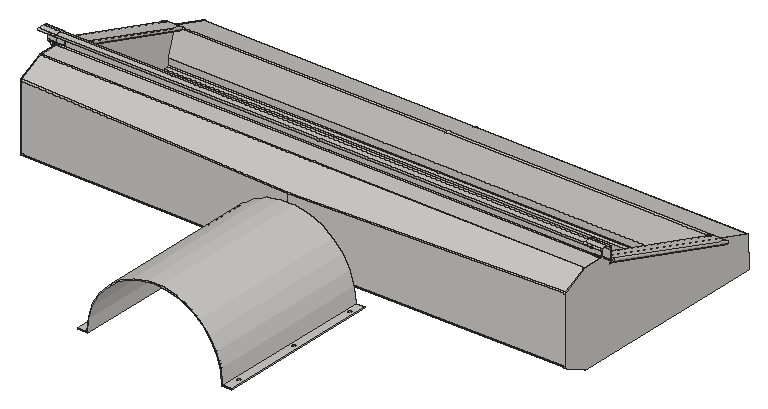
Revit family "PRD_AR_SlbUrnls_CampusTroughUrinal_CMPX551-555,GE,GS", category Plumbing Fixtures, host Face, Revit 2018
Family settings
  Host = Face
  Round Connector Dimension = Use Diameter
  Part Type = Normal
  OmniClass Number = 23.45.05.21.11.21
  OmniClass Title = Urinals
  Cut with Voids When Loaded = No
  Shared = No
  Room Calculation Point = No
Parameters (values of type "CMPX551, Width=1200")
  WaterSupplyOverflowAndWasteHolesWaterSupply = "Water inlet can be choosen from top, back or each side"
  WaterSupplyOverflowAndWasteHolesWaste = "Center"
  WasteSize = 40.00 mm
  WarrantyStartDate [instance] = "1900-12-31T23:59:59"
  WarrantyGuarantorParts = "n/a"
  WarrantyGuarantorLabor = "n/a"
  WarrantyDurationUnit = "year"
  WarrantyDurationParts = "n/a"
  WarrantyDurationLabor = "n/a"
  WarrantyDescription = "n/a"
  Version = "1"
  UrinalType = "Trough"
  UrinalMaterial = "Stainless steel"
  UrinalColor = "Stainless steel"
  Uniclass2015Version = "Products v1.10"
  Uniclass2015Title = "Slab urinals"
  Uniclass2015Code = "Pr_40_20_93_77"
  URL = "www.kwc.com"
  TrapCover [instance] = yes
  TagNumber [instance] = "n/a"
  SustainabilityPerformance = "n/a"
  SpilloverLevel = 650.00 mm
  Size = "1200 x 235 x 516 mm"
  Shape = "Rectangular"
  SerialNumber [instance] = "n/a"
  Revision = "n/a"
  ReplacementCost = "n/a"
  ProductInformation = "https://pim.kwc.com/product/2000056957/attachment/datasheet?locale=en"
  OutletSize = "DN 40 (1 1/2 inch.)"
  NominalWidth = 1200.00 mm
  NominalHeight = 516.00 mm
  NominalDepth = 235.00 mm
  NetWeight = 14.00 kg
  Name = "CAMPUS trough urinal CMPX551"
  NBSTypeID = "n/a"
  NBSReference = "45-35-70/352"
  NBSOfficeMasterTag = "n/a"
  NBSNote = "n/a"
  NBSDescription = "Slab urinals"
  NBSCertification = "n/a"
  ModelReference = "CMPX551"
  ModelNumber = "2000056957"
  Model = ModelReference  # "CMPX551"
  MaterialsFinishAndColour = "Stainless steel, satin finished"
  MaterialsBody = "Stainless steel 1.4404"
  Material = PRD_AR_StainlessSteel_SatinFinished
  ManufacturerURL = "www.kwc.com"
  ManufacturerName = "KWC Group AG"  # constant formula
  Manufacturer = ManufacturerName  # "KWC Group AG"
  IntegralAccessories = "included 3/4 inch. flexible hose to connect hidden plastic sparge pipe, included flow regulator, included wall fixing brackets and mounting set."
  InstallationDate [instance] = "1900-12-31T23:59:59"
  InletSize = "DN 20 (3/4 inch.)"
  IfcExportType = "URINAL"
  IfcExportAs = "IfcSanitaryTerminalType"
  GrossWeight = 16.00 kg
  Grade = "n/a"
  Form = "Wall hung"
  Flow = NominalWidth / 1000.00 mm * 0.15 L/s  # 0.18 L/s
  Finish = "Satin finished"
  Features = "stainless steel AISI 316, 1.00 mm, satin finished, wall mounting, 1200x516x235 mm (WxHxD)"
  ExpectedLife = "n/a"
  DurationUnit = "year"
  DiameterNominal = 20.00 mm
  Description = "Wall hung slab urinal, stainless steel AISI 316, surface satin finished, material thickness 1 mm, water inlet can be choosen from top, back or each side with 3/4 inch. connection, included 3/4 inch. flexible hose to connect hidden plastic sparge pipe, complete back wall flushing, included flow regulator, bowl slanted towards middle, 1 1/2 inch. waste, trap not included, included wall fixing brackets and mounting set. width: 1200 mm"
  Default Elevation = 650.00 mm
  CreateOn = "11/2018"  # constant formula
  Constituents = "n/a"
  RightConnectionPlate [instance] = yes
  LeftConnectionPlate [instance] = yes
  ConnectionPlateMaterial = PRD_AR_StainlessSteel_SatinFinished
  ConnectionPlate = PRD_AR_SlabUrinals_ConnectionPlateForTroughUrinal : ZCMPX0008
  CodePerformance = "n/a"
  Category = "Pr_40_20_93_77, Slab urinals"
  BarCode [instance] = "n/a"
  BIMObjectName = "PRD_AR_SlabUrinals_CampusTroughUrinal_CMPX551"
  Author = "Archispace"  # constant formula
  AssetType = "Fixed"
  AssetIdentifier [instance] = "n/a"
  AccessibilityPerformance = "n/a"
Types (9, lengths in mm): name | WaterSupplyOverflowAndWasteHolesWaterSupply | Size | ProductInformation | NominalWidth | NetWeight | Name | ModelReference | ModelNumber | Model | IntegralAccessories | GrossWeight | Flow | Features | Description | RightConnectionPlate | LeftConnectionPlate | ConnectionPlate | BIMObjectName
  CMPX551, Width=1200 | "Water inlet can be choosen from top, back or each side" | "1200 x 235 x 516 mm" | "https://pim.kwc.com/product/2000056957/attachment/datasheet?locale=en" | 1200.00 | 14.00 kg | "CAMPUS trough urinal CMPX551" | "CMPX551" | "2000056957" | "CMPX551" | "included 3/4 inch. flexible hose to connect hidden plastic sparge pipe, included flow regulator, included wall fixing brackets and mounting set." | 16.00 kg | 0.18 L/s | "stainless steel AISI 316, 1.00 mm, satin finished, wall mounting, 1200x516x235 mm (WxHxD)" | "Wall hung slab urinal, stainless steel AISI 316, surface satin finished, material thickness 1 mm, water inlet can be choosen from top, back or each side with 3/4 inch. connection, included 3/4 inch. flexible hose to connect hidden plastic sparge pipe, complete back wall flushing, included flow regulator, bowl slanted towards middle, 1 1/2 inch. waste, trap not included, included wall fixing brackets and mounting set. width: 1200 mm" | yes | yes | PRD_AR_SlabUrinals_ConnectionPlateForTroughUrinal : ZCMPX0008 | "PRD_AR_SlabUrinals_CampusTroughUrinal_CMPX551"
  CMPX552, Width=1400 | "Water inlet can be choosen from top, back or each side" | "1400 x 235 x 516 mm" | "https://pim.kwc.com/product/2000056967/attachment/datasheet?locale=en" | 1400.00 | 16.00 kg | "CAMPUS trough urinal CMPX552" | "CMPX552" | "2000056967" | "CMPX552" | "included 3/4 inch. flexible hose to connect hidden plastic sparge pipe, included flow regulator, included wall fixing brackets and mounting set." | 18.00 kg | 0.21 L/s | "stainless steel AISI 316, 1.00 mm, satin finished, wall mounting, 1400x516x235 mm (WxHxD)" | "Wall hung slab urinal, stainless steel AISI 316, surface satin finished, material thickness 1 mm, water inlet can be choosen from top, back or each side with 3/4 inch. connection, included 3/4 inch. flexible hose to connect hidden plastic sparge pipe, complete back wall flushing, included flow regulator, bowl slanted towards middle, 1 1/2 inch. waste, trap not included, included wall fixing brackets and mounting set. width: 1400 mm" | no | no | PRD_AR_SlabUrinals_ConnectionPlateForTroughUrinal : ZCMPX0008 | "PRD_AR_SlabUrinals_CampusTroughUrinal_CMPX552"
  CMPX553, Width=1800 | "Water inlet can be choosen from top, back or each side" | "1800 x 235 x 516 mm" | "https://pim.kwc.com/product/2000056969/attachment/datasheet?locale=en" | 1800.00 | 19.00 kg | "CAMPUS trough urinal CMPX553" | "CMPX553" | "2000056969" | "CMPX553" | "included 3/4 inch. flexible hose to connect hidden plastic sparge pipe, included flow regulator, included wall fixing brackets and mounting set." | 22.00 kg | 0.27 L/s | "stainless steel AISI 316, 1.00 mm, satin finished, wall mounting, 1800x516x235 mm (WxHxD)" | "Wall hung slab urinal, stainless steel AISI 316, surface satin finished, material thickness 1 mm, water inlet can be choosen from top, back or each side with 3/4 inch. connection, included 3/4 inch. flexible hose to connect hidden plastic sparge pipe, complete back wall flushing, included flow regulator, bowl slanted towards middle, 1 1/2 inch. waste, trap not included, included wall fixing brackets and mounting set. width: 1800 mm" | no | no | PRD_AR_SlabUrinals_ConnectionPlateForTroughUrinal : ZCMPX0008 | "PRD_AR_SlabUrinals_CampusTroughUrinal_CMPX553"
  CMPX555, Width=2400 | "Water inlet can be choosen from top, back or each side" | "2400 x 235 x 516 mm" | "https://pim.kwc.com/product/2000056971/attachment/datasheet?locale=en" | 2400.00 | 23.00 kg | "CAMPUS trough urinal CMPX555" | "CMPX555" | "2000056971" | "CMPX555" | "included 3/4 inch. flexible hose to connect hidden plastic sparge pipe, included flow regulator, included wall fixing brackets and mounting set." | 29.00 kg | 0.36 L/s | "stainless steel AISI 316, 1.00 mm, satin finished, wall mounting, 2400x516x235 mm (WxHxD)" | "Wall hung slab urinal, stainless steel AISI 316, surface satin finished, material thickness 1 mm, water inlet can be choosen from top, back or each side with 3/4 inch. connection, included 3/4 inch. flexible hose to connect hidden plastic sparge pipe, complete back wall flushing, included flow regulator, bowl slanted towards middle, 1 1/2 inch. waste, trap not included, included wall fixing brackets and mounting set. width: 2400 mm" | no | no | PRD_AR_SlabUrinals_ConnectionPlateForTroughUrinal : ZCMPX0008 | "PRD_AR_SlabUrinals_CampusTroughUrinal_CMPX555"
  CMPX551GE, Width=1200 | "Concealed" | "1200 x 235 x 516 mm" | "https://pim.kwc.com/product/2030020113/attachment/datasheet?locale=en" | 1200.00 | 14.00 kg | "CAMPUS trough urinal CMPX551GE" | "CMPX551GE" | "2030020113" | "CMPX551GE" | "Included wall fixing brackets and mounting set." | 16.00 kg | 0.18 L/s | "stainless steel AISI 316, 1.00 mm, satin finished, wall mounting, 1200x516x235 mm (WxHxD)" | "Urinal slab, stainless steel AISI 316, surface satin finished, material thickness 1 mm, flushing water demand 0,15l/sm, with covered flush pipe. Middle positioned slanted waste G1 1/2 B for connection to the syphon, included wall fixing brackets and mounting set." | no | no | PRD_AR_SlabUrinals_ConnectionPlateForTroughUrinal : ZCMPX0002 | "PRD_AR_SlabUrinals_CampusTroughUrinal_CMPX551GE"
  CMPX552GE, Width=1400 | "Concealed" | "1400 x 235 x 516 mm" | "https://pim.kwc.com/product/2030020114/attachment/datasheet?locale=en" | 1400.00 | 16.00 kg | "CAMPUS trough urinal CMPX552GE" | "CMPX552GE" | "2030020114" | "CMPX552GE" | "Included wall fixing brackets and mounting set." | 18.00 kg | 0.21 L/s | "stainless steel AISI 316, 1.00 mm, satin finished, wall mounting, 1400x516x235 mm (WxHxD)" | "Urinal slab, stainless steel AISI 316, surface satin finished, material thickness 1 mm, flushing water demand 0,15l/sm, with covered flush pipe. Middle positioned slanted waste G1 1/2 B for connection to the syphon, included wall fixing brackets and mounting set." | no | no | PRD_AR_SlabUrinals_ConnectionPlateForTroughUrinal : ZCMPX0002 | "PRD_AR_SlabUrinals_CampusTroughUrinal_CMPX552GE"
  CMPX553GE, Width=1800 | "Concealed" | "1800 x 516 x 235 mm" | "https://pim.kwc.com/product/2030020115/attachment/datasheet?locale=en" | 1800.00 | 19.00 kg | "CAMPUS trough urinal CMPX553GE" | "CMPX553GE" | "2030020115" | "CMPX553GE" | "Included wall fixing brackets and mounting set." | 22.00 kg | 0.27 L/s | "stainless steel AISI 316, 1.00 mm, satin finished, wall mounting, 1800x516x235 mm (WxHxD)" | "Urinal slab, stainless steel AISI 316, surface satin finished, material thickness 1 mm, flushing water demand 0,15l/sm, with covered flush pipe. Middle positioned slanted waste G1 1/2 B for connection to the syphon, included wall fixing brackets and mounting set." | no | no | PRD_AR_SlabUrinals_ConnectionPlateForTroughUrinal : ZCMPX0002 | "PRD_AR_SlabUrinals_CampusTroughUrinal_CMPX553GE"
  CMPX554GE, Width=2100 | "Concealed" | "2100 x 516 x 235 mm" | "https://pim.kwc.com/product/2030020116/attachment/datasheet?locale=en" | 2100.00 | 21.00 kg | "CAMPUS trough urinal CMPX554GE" | "CMPX554GE" | "2030020116" | "CMPX554GE" | "Included wall fixing brackets and mounting set." | 25.80 kg | 0.315 L/s | "stainless steel AISI 316, 1.00 mm, satin finished, wall mounting, 2100x516x235 mm (WxHxD)" | "Urinal slab, stainless steel AISI 316, surface satin finished, material thickness 1 mm, flushing water demand 0,15l/sm, with covered flush pipe. Middle positioned slanted waste G1 1/2 B for connection to the syphon, included wall fixing brackets and mounting set." | no | no | PRD_AR_SlabUrinals_ConnectionPlateForTroughUrinal : ZCMPX0002 | "PRD_AR_SlabUrinals_CampusTroughUrinal_CMPX554GE"
  CMPX555GE, Width=2400 | "Concealed" | "2400 x 235 x 516 mm" | "https://pim.kwc.com/product/2030020117/attachment/datasheet?locale=en" | 2400.00 | 21.85 kg | "CAMPUS trough urinal CMPX555GE" | "CMPX555GE" | "2030020117" | "CMPX555GE" | "Included wall fixing brackets and mounting set." | 23.00 kg | 0.36 L/s | "stainless steel AISI 316, 1.00 mm, satin finished, wall mounting, 2400x516x235 mm (WxHxD)" | "Urinal slab, stainless steel AISI 316, surface satin finished, material thickness 1 mm, flushing water demand 0,15l/sm, with covered flush pipe. Middle positioned slanted waste G1 1/2 B for connection to the syphon, included wall fixing brackets and mounting set." | no | no | PRD_AR_SlabUrinals_ConnectionPlateForTroughUrinal : ZCMPX0002 | "PRD_AR_SlabUrinals_CampusTroughUrinal_CMPX555GE"
Reference planes
  plane 1 "Center (Front/Back)": y = 0
  plane 2: z = 0
  plane 3 "Center (Left/Right)": x = 0
  plane 4: x = -600
  plane 5: x = 600
Dimensions and locks
  equal spacing: plane 4, plane 3 "Center (Left/Right)", plane 5
  "NominalWidth": plane 4 to plane 5
  aligned and locked: plane 2 to host face
  aligned and locked: level to host face
  aligned and locked: nested 2 to plane 5
  aligned and locked: plane 4 to nested 3
Automatic sketch dimensions
  host sketch curve to host sketch curve = 2438.40 mm  (x2)
Nested families
  nested 1: "CMPX55" at (0, -115, 0) x (1, 0, 0) z (0, 1, 0), type "CMPX55"
  nested 2: "PRD_AR_SlabUrinals_ConnectionPlateForTroughUrinal" at (600, 0, 0) x (1, 0, 0) z (0, 1, 0), visible <- "RightConnectionPlate", ConnectionPlateMaterial <- "ConnectionPlateMaterial", type <- "ConnectionPlate", type "ZCMPX0008", detail levels fine
    with WarrantyStartDate "1900-12-31T23:59:59", TagNumber "n/a", SerialNumber "n/a", InstallationDate "1900-12-31T23:59:59", BarCode "n/a", AssetIdentifier "n/a"
  nested 3: "PRD_AR_SlabUrinals_ConnectionPlateForTroughUrinal" at (-600, 0, 0) x (1, 0, 0) z (0, 1, 0), visible <- "LeftConnectionPlate", ConnectionPlateMaterial <- "ConnectionPlateMaterial", type <- "ConnectionPlate", type "ZCMPX0008", detail levels fine
    with WarrantyStartDate "1900-12-31T23:59:59", TagNumber "n/a", SerialNumber "n/a", InstallationDate "1900-12-31T23:59:59", BarCode "n/a", AssetIdentifier "n/a"
  nested 4: "PRD_AR_SlbUrnls_CampusTrapCover_ZCMPX0003" at (0, -297.5, 0), visible <- "TrapCover", type "ZCMPX0003"
    with WarrantyStartDate "1900-12-31T23:59:59", TagNumber "n/a", SerialNumber "n/a", InstallationDate "1900-12-31T23:59:59", BarCode "n/a", AssetIdentifier "n/a"
Connectors
  piping at (0, 375, 0), diameter 19.05, driven by "InletSize", driven by "Flow"
    settings: on nested 1, index 2, connector inside diameter 609.60 mm, connector length 0.00 mm, flow factor 0, pipe flow 0.18 L/s, pressure drop 0.0 Pa, fitting loss kfactor 0, connector angle 0.00°, fixture units 0, engagement length 0.00 mm, angle of deflection 0.00°, flow configuration 1, flow direction 1, fitting loss method 0, system type 20, joint type 0, gender type 0, connector reference index -1, connector utility 0, adjustable connector no, is connector primary yes, connector description "DN 20 (3/4 inch.)"
  piping at (0, -116, 100), diameter 40, driven by "WasteSize", driven by "OutletSize"
    settings: on nested 1, index 3, connector inside diameter 609.60 mm, connector length 0.00 mm, flow factor 0, pipe flow 0.0 L/s, pressure drop 0.0 Pa, fitting loss kfactor 0, connector angle 0.00°, fixture units 0, engagement length 0.00 mm, angle of deflection 0.00°, flow configuration 2, flow direction 2, fitting loss method 0, system type 16, joint type 0, gender type 0, connector reference index -1, connector utility 0, adjustable connector no, is connector primary no, connector description "DN 40 (1 1/2 inch.)"
Definition of nested family "CMPX55"
  Parameters (values of type "CMPX55")
    Material = none
    Length = 1200.00 mm
    Default Elevation = 0.00 mm
  Reference planes
    plane 1 "Center (Front/Back)": y = 0
    plane 2: z = 0
    plane 3 "Center (Left/Right)": x = 0
    plane 4: x = -600
    plane 5: x = 600
    plane 6: x = -599
    plane 7: x = 599
  Forms (mm)
    Blend 1, solid, material <- "Material", detail levels fine
      base sketch origin (0, 0, 0) x (0, 1, 0) y (0, 0, 1)
        loop
          arc (-25.25, 418.581) -> (-23.906, 418.024) -> (-23.35, 416.681) r 1.9
          line (-23.35, 416.681) -> (-23.35, 407.581) -> (-1, 407.581) -> (-1, 68.539) -> (-33.941, 1) -> (-166.059, 1) -> (-199, 68.539) -> (-199, 112)
          arc (-199, 112) -> (-199.879, 114.121) -> (-202, 115) r 3
          line (-202, 115) -> (-223, 115)
          arc (-223, 115) -> (-231.485, 111.485) -> (-235, 103) r 12
          line (-235, 103) -> (-235, 90)
          arc (-235, 90) -> (-233, 88) -> (-231, 90) r 2
          line (-231, 90) -> (-231, 110.55)
          arc (-231, 110.55) -> (-227.356, 113.101) -> (-223, 114) r 11
          line (-223, 114) -> (-201.9, 114)
          arc (-201.9, 114) -> (-200.556, 113.444) -> (-200, 112.1) r 1.9
          line (-200, 112.1) -> (-200, 68.977)
          arc (-200, 68.977) -> (-199.926, 68.325) -> (-199.707, 67.706) r 2.9
          line (-199.707, 67.706) -> (-167.506, 1.685)
          arc (-167.506, 1.685) -> (-166.399, 0.456) -> (-164.809, 0) r 3
          line (-164.809, 0) -> (-35.191, 0)
          arc (-35.191, 0) -> (-33.601, 0.456) -> (-32.494, 1.685) r 3
          line (-32.494, 1.685) -> (0, 68.308) -> (0, 516) -> (-68.625, 516)
          arc (-68.625, 516) -> (-70.325, 515.449) -> (-71.38, 514.006) r 2.9
          line (-71.38, 514.006) -> (-95.709, 440.007)
          arc (-95.709, 440.007) -> (-95.535, 437.713) -> (-93.786, 436.217) r 3
          line (-93.786, 436.217) -> (-39.508, 418.581) -> (-25.25, 418.581)
      top sketch origin (0, 0, 0) x (0, 1, 0) y (0, 0, 1)
        loop
          arc (-25.25, 418.581) -> (-23.906, 418.024) -> (-23.35, 416.681) r 1.9
          line (-23.35, 416.681) -> (-23.35, 407.581) -> (-1, 407.581) -> (-1, 68.539) -> (-26.625, 16) -> (-173.375, 16) -> (-199, 68.539) -> (-199, 112)
          arc (-199, 112) -> (-199.879, 114.121) -> (-202, 115) r 3
          line (-202, 115) -> (-223, 115)
          arc (-223, 115) -> (-231.485, 111.485) -> (-235, 103) r 12
          line (-235, 103) -> (-235, 90)
          arc (-235, 90) -> (-233, 88) -> (-231, 90) r 2
          line (-231, 90) -> (-231, 110.55)
          arc (-231, 110.55) -> (-227.356, 113.101) -> (-223, 114) r 11
          line (-223, 114) -> (-201.9, 114)
          arc (-201.9, 114) -> (-200.556, 113.444) -> (-200, 112.1) r 1.9
          line (-200, 112.1) -> (-200, 68.977)
          arc (-200, 68.977) -> (-199.926, 68.325) -> (-199.707, 67.706) r 2.9
          line (-199.707, 67.706) -> (-174.822, 16.685)
          arc (-174.822, 16.685) -> (-173.715, 15.456) -> (-172.125, 15) r 3
          line (-172.125, 15) -> (-27.875, 15)
          arc (-27.875, 15) -> (-26.285, 15.456) -> (-25.178, 16.685) r 3
          line (-25.178, 16.685) -> (0, 68.308) -> (0, 516) -> (-68.625, 516)
          arc (-68.625, 516) -> (-70.325, 515.449) -> (-71.38, 514.006) r 2.9
          line (-71.38, 514.006) -> (-95.709, 440.007)
          arc (-95.709, 440.007) -> (-95.535, 437.713) -> (-93.786, 436.217) r 3
          line (-93.786, 436.217) -> (-39.508, 418.581) -> (-25.25, 418.581)
      from 0 to 599
    Blend 2, solid, material <- "Material", detail levels fine
      base sketch origin (0, 0, 0) x (0, 1, 0) y (0, 0, 1)
        loop
          arc (-25.25, 418.581) -> (-23.906, 418.024) -> (-23.35, 416.681) r 1.9
          line (-23.35, 416.681) -> (-23.35, 407.581) -> (-1, 407.581) -> (-1, 68.539) -> (-33.941, 1) -> (-166.059, 1) -> (-199, 68.539) -> (-199, 112)
          arc (-199, 112) -> (-199.879, 114.121) -> (-202, 115) r 3
          line (-202, 115) -> (-223, 115)
          arc (-223, 115) -> (-231.485, 111.485) -> (-235, 103) r 12
          line (-235, 103) -> (-235, 90)
          arc (-235, 90) -> (-233, 88) -> (-231, 90) r 2
          line (-231, 90) -> (-231, 110.55)
          arc (-231, 110.55) -> (-227.356, 113.101) -> (-223, 114) r 11
          line (-223, 114) -> (-201.9, 114)
          arc (-201.9, 114) -> (-200.556, 113.444) -> (-200, 112.1) r 1.9
          line (-200, 112.1) -> (-200, 68.977)
          arc (-200, 68.977) -> (-199.926, 68.325) -> (-199.707, 67.706) r 2.9
          line (-199.707, 67.706) -> (-167.506, 1.685)
          arc (-167.506, 1.685) -> (-166.399, 0.456) -> (-164.809, 0) r 3
          line (-164.809, 0) -> (-35.191, 0)
          arc (-35.191, 0) -> (-33.601, 0.456) -> (-32.494, 1.685) r 3
          line (-32.494, 1.685) -> (0, 68.308) -> (0, 516) -> (-68.625, 516)
          arc (-68.625, 516) -> (-70.325, 515.449) -> (-71.38, 514.006) r 2.9
          line (-71.38, 514.006) -> (-95.709, 440.007)
          arc (-95.709, 440.007) -> (-95.535, 437.713) -> (-93.786, 436.217) r 3
          line (-93.786, 436.217) -> (-39.508, 418.581) -> (-25.25, 418.581)
      top sketch origin (0, 0, 0) x (0, 1, 0) y (0, 0, 1)
        loop
          arc (-25.25, 418.581) -> (-23.906, 418.024) -> (-23.35, 416.681) r 1.9
          line (-23.35, 416.681) -> (-23.35, 407.581) -> (-1, 407.581) -> (-1, 68.539) -> (-26.625, 16) -> (-173.375, 16) -> (-199, 68.539) -> (-199, 112)
          arc (-199, 112) -> (-199.879, 114.121) -> (-202, 115) r 3
          line (-202, 115) -> (-223, 115)
          arc (-223, 115) -> (-231.485, 111.485) -> (-235, 103) r 12
          line (-235, 103) -> (-235, 90)
          arc (-235, 90) -> (-233, 88) -> (-231, 90) r 2
          line (-231, 90) -> (-231, 110.55)
          arc (-231, 110.55) -> (-227.356, 113.101) -> (-223, 114) r 11
          line (-223, 114) -> (-201.9, 114)
          arc (-201.9, 114) -> (-200.556, 113.444) -> (-200, 112.1) r 1.9
          line (-200, 112.1) -> (-200, 68.977)
          arc (-200, 68.977) -> (-199.926, 68.325) -> (-199.707, 67.706) r 2.9
          line (-199.707, 67.706) -> (-174.822, 16.685)
          arc (-174.822, 16.685) -> (-173.715, 15.456) -> (-172.125, 15) r 3
          line (-172.125, 15) -> (-27.875, 15)
          arc (-27.875, 15) -> (-26.285, 15.456) -> (-25.178, 16.685) r 3
          line (-25.178, 16.685) -> (0, 68.308) -> (0, 516) -> (-68.625, 516)
          arc (-68.625, 516) -> (-70.325, 515.449) -> (-71.38, 514.006) r 2.9
          line (-71.38, 514.006) -> (-95.709, 440.007)
          arc (-95.709, 440.007) -> (-95.535, 437.713) -> (-93.786, 436.217) r 3
          line (-93.786, 436.217) -> (-39.508, 418.581) -> (-25.25, 418.581)
      from 0 to -599
    Extrusion 3, solid, material <- "Material", detail levels fine
      sketch origin (-600, 460.038, 4000) x (0, 1, 0) y (0, 0, 1)
        loop
          arc (-528.663, -3484) -> (-530.363, -3484.551) -> (-531.418, -3485.994) r 2.9
          line (-531.418, -3485.994) -> (-660.038, -3877.196) -> (-660.038, -3931.023)
          arc (-660.038, -3931.023) -> (-659.964, -3931.675) -> (-659.745, -3932.294) r 2.9
          line (-659.745, -3932.294) -> (-634.86, -3983.315)
          arc (-634.86, -3983.315) -> (-633.753, -3984.544) -> (-632.164, -3985) r 3
          line (-632.164, -3985) -> (-487.913, -3985)
          arc (-487.913, -3985) -> (-486.323, -3984.544) -> (-485.216, -3983.315) r 3
          line (-485.216, -3983.315) -> (-460.038, -3931.692) -> (-460.038, -3484) -> (-528.663, -3484)
      from 0 to 1
    Extrusion 4, solid, material <- "Material", detail levels fine
      sketch origin (600, 460.038, 4000) x (0, 1, 0) y (0, 0, -1)
        loop
          line (-528.663, 3484) -> (-460.038, 3484) -> (-460.038, 3931.692) -> (-485.216, 3983.315)
          arc (-485.216, 3983.315) -> (-486.323, 3984.544) -> (-487.913, 3985) r 3
          line (-487.913, 3985) -> (-632.164, 3985)
          arc (-632.164, 3985) -> (-633.753, 3984.544) -> (-634.86, 3983.315) r 3
          line (-634.86, 3983.315) -> (-659.745, 3932.294)
          arc (-659.745, 3932.294) -> (-659.964, 3931.675) -> (-660.038, 3931.023) r 2.9
          line (-660.038, 3931.023) -> (-660.038, 3877.196) -> (-531.418, 3485.994)
          arc (-531.418, 3485.994) -> (-530.363, 3484.551) -> (-528.663, 3484) r 2.9
      from 0 to 1
    Extrusion 5, solid, material <- "Material"
      sketch origin (0, 0, 0) x (1, 0, 0) y (0, 1, 0)
        loop
          circle (0, -100) r 24
      from 0 to -1
    Extrusion 6, solid, material <- "Material", detail levels fine
      sketch origin (-600, 460.038, 4000) x (0, 1, 0) y (0, 0, 1)
        loop
          line (-555.747, -3559.993) -> (-660.038, -3877.196) -> (-660.038, -3887.9) -> (-659.038, -3887.9) -> (-659.038, -3877.356) -> (-555.496, -3562.43)
          arc (-555.496, -3562.43) -> (-555.882, -3561.238) -> (-555.747, -3559.993) r 3
      from 0 to 17
    Extrusion 7, solid, material <- "Material", detail levels fine
      sketch origin (599, 460.038, 4000) x (0, 1, 0) y (0, 0, -1)
        loop
          line (-660.038, 3877.196) -> (-555.747, 3559.993)
          arc (-555.747, 3559.993) -> (-555.882, 3561.238) -> (-555.496, 3562.43) r 3
          line (-555.496, 3562.43) -> (-659.038, 3877.356) -> (-659.038, 3887.9) -> (-660.038, 3887.9) -> (-660.038, 3877.196)
      from 0 to 17
    Blend 8, solid, material <- "Material", detail levels medium
      base sketch origin (0, 0, 0) x (0, 1, 0) y (0, 0, 1)
        loop
          line (-96.649, 437.147) -> (-1, 406.069) -> (-1, 115) -> (-235, 115) -> (-235, 88) -> (-200, 88) -> (-200, 68.308) -> (-166.684, 0) -> (-33.316, 0) -> (0, 68.308) -> (0, 516) -> (-70.724, 516) -> (-96.649, 437.147)
      top sketch origin (0, 0, 0) x (0, 1, 0) y (0, 0, 1)
        loop
          line (-96.649, 437.147) -> (-1, 406.069) -> (-1, 115) -> (-235, 115) -> (-235, 88) -> (-200, 88) -> (-200, 68.308) -> (-174, 15) -> (-26, 15) -> (0, 68.308) -> (0, 516) -> (-70.724, 516) -> (-96.649, 437.147)
      from 0 to 600
    Blend 9, solid, material <- "Material", detail levels medium
      base sketch origin (0, 0, 0) x (0, 1, 0) y (0, 0, 1)
        loop
          line (-96.649, 437.147) -> (-1, 406.069) -> (-1, 115) -> (-235, 115) -> (-235, 88) -> (-200, 88) -> (-200, 68.308) -> (-166.684, 0) -> (-33.316, 0) -> (0, 68.308) -> (0, 516) -> (-70.724, 516) -> (-96.649, 437.147)
      top sketch origin (0, 0, 0) x (0, 1, 0) y (0, 0, 1)
        loop
          line (-96.649, 437.147) -> (-1, 406.069) -> (-1, 115) -> (-235, 115) -> (-235, 88) -> (-200, 88) -> (-200, 68.308) -> (-174, 15) -> (-26, 15) -> (0, 68.308) -> (0, 516) -> (-70.724, 516) -> (-96.649, 437.147)
      from 0 to -600
    Extrusion 10, solid, material <- "Material", detail levels medium
      sketch origin (-600, 460.038, 4000) x (0, 1, 0) y (0, 0, 1)
        loop
          line (-556.688, -3562.853) -> (-660.038, -3877.196) -> (-660.038, -3885) -> (-461.038, -3885) -> (-461.038, -3593.931) -> (-556.688, -3562.853)
      from 0 to 17
    Extrusion 11, solid, material <- "Material", detail levels medium
      sketch origin (600, 460.038, 4000) x (0, 1, 0) y (0, 0, -1)
        loop
          line (-556.688, 3562.853) -> (-461.038, 3593.931) -> (-461.038, 3885) -> (-660.038, 3885) -> (-660.038, 3877.196) -> (-556.688, 3562.853)
      from 0 to 17
    Extrusion 12, solid, material <- "Material", detail levels coarse
      sketch origin (600, 460.038, 4000) x (0, 1, 0) y (0, 0, -1)
        loop
          line (-530.762, 3484) -> (-460.038, 3484) -> (-460.038, 4000) -> (-660.038, 4000) -> (-660.038, 3912) -> (-695.038, 3912) -> (-695.038, 3885) -> (-662.604, 3885) -> (-530.762, 3484)
      from 0 to 1200
    Extrusion 13, solid, material <- "Material"
      sketch origin (0, 0, 0) x (1, 0, 0) y (0, 0, 1)
        loop
          circle (0, 490) r 10
      from 0 to 2
  Cuts and joins
    joined: Blend 1, Blend 2
    joined: Extrusion 3, Extrusion 6
    joined: Extrusion 4, Extrusion 7
    joined: Blend 8, Blend 9, Extrusion 10, Extrusion 11
  Dimensions and locks
    equal spacing: plane 4, plane 3 "Center (Left/Right)", plane 5
    "Length": plane 4 to plane 5
    locked: plane 6 to plane 4 at 1
    locked: plane 7 to plane 5 at 1
    aligned and locked: level to plane 2
    aligned and locked: Blend 2 to Extrusion 3
    aligned and locked: Blend 1 to Extrusion 4
    aligned and locked: Blend 8 to plane 5
    aligned and locked: Blend 9 to plane 4
    aligned and locked: Extrusion 12 to plane 4
    aligned and locked: Blend 2 to plane 6
    aligned and locked: Blend 1 to plane 7
  Automatic sketch dimensions
    Blend 1 sketch curve to Blend 1 sketch curve = 0.00 mm  (x4)
    Blend 1 sketch curve to plane 1 "Center (Front/Back)" = 0.00 mm  (x2)
    plane 1 "Center (Front/Back)" to Blend 1 sketch curve = 1.00 mm  (x2)
    plane 1 "Center (Front/Back)" to Blend 1 sketch curve = 23.35 mm
    plane 1 "Center (Front/Back)" to Blend 1 sketch curve = 25.178 mm
    Blend 1 sketch curve to Blend 1 sketch curve = 1.90 mm  (x6)
    Blend 1 sketch curve to Blend 1 sketch curve = 1.446 mm  (x3)
    Blend 1 sketch curve to Blend 1 sketch curve = 1.25 mm  (x4)
    Blend 1 sketch curve to Blend 1 sketch curve = 14.258 mm  (x2)
    plane 1 "Center (Front/Back)" to Blend 1 sketch curve = 68.625 mm  (x2)
    Blend 1 sketch curve to Blend 1 sketch curve = 2.755 mm  (x2)
    Blend 1 sketch curve to Blend 1 sketch curve = 53.351 mm
    Blend 1 sketch curve to Blend 1 sketch curve = 0.927 mm  (x2)
    Blend 1 sketch curve to Blend 1 sketch curve = 2.85 mm  (x2)
    level to Blend 1 sketch curve = 18.00 mm
    Blend 1 sketch curve to Blend 1 sketch curve = 144.251 mm
    level to Blend 1 sketch curve = 16.685 mm
    level to Blend 1 sketch curve = 68.539 mm  (x2)
    level to Blend 1 sketch curve = 67.706 mm  (x2)
    Blend 1 sketch curve to Blend 1 sketch curve = 0.10 mm  (x3)
    Blend 1 sketch curve to Blend 1 sketch curve = 21.00 mm  (x2)
    Blend 1 sketch curve to Blend 1 sketch curve = 8.00 mm
    Blend 1 sketch curve to Blend 1 sketch curve = 2.00 mm  (x2)
    Blend 1 sketch curve to Blend 1 sketch curve = 1.00 mm  (x3)
    Blend 1 sketch curve to Blend 1 sketch curve = 0.685 mm
    Blend 1 sketch curve to Blend 1 sketch curve = 51.623 mm
    Blend 1 sketch curve to Blend 1 sketch curve = 0.231 mm  (x2)
    Blend 1 sketch curve to Blend 1 sketch curve = 21.023 mm  (x2)
    Blend 1 sketch curve to Blend 1 sketch curve = 13.00 mm  (x2)
    Blend 1 sketch curve to Blend 1 sketch curve = 7.55 mm  (x2)
    Blend 1 sketch curve to Blend 1 sketch curve = 339.042 mm  (x2)
    Blend 1 sketch curve to Blend 1 sketch curve = 9.10 mm  (x2)
    Blend 1 sketch curve to Blend 1 sketch curve = 17.636 mm  (x2)
    Blend 1 sketch curve to Blend 1 sketch curve = 2.853 mm  (x2)
    Blend 1 sketch curve to Blend 1 sketch curve = 74.03 mm  (x2)
    Blend 1 sketch curve to Blend 1 sketch curve = 0.906 mm  (x2)
    Blend 1 sketch curve to Blend 1 sketch curve = 24.975 mm
    Blend 1 sketch curve to Blend 1 sketch curve = 0.707 mm  (x2)
    Extrusion 4 sketch curve to plane 1 "Center (Front/Back)" = 200.00 mm
    Extrusion 4 sketch curve to level = 67.706 mm
    Extrusion 4 sketch curve to Extrusion 4 sketch curve = 0.293 mm
    Extrusion 4 sketch curve to Extrusion 4 sketch curve = 2.90 mm
    Extrusion 4 sketch curve to level = 16.685 mm  (x2)
    Extrusion 4 sketch curve to Extrusion 4 sketch curve = 24.885 mm
    Extrusion 4 sketch curve to Extrusion 4 sketch curve = 2.696 mm  (x2)
    Extrusion 4 sketch curve to Extrusion 4 sketch curve = 128.62 mm
    Extrusion 4 sketch curve to Extrusion 4 sketch curve = 2.755 mm
    Extrusion 4 sketch curve to Extrusion 4 sketch curve = 144.251 mm
    Extrusion 4 sketch curve to Extrusion 4 sketch curve = 25.178 mm
    Extrusion 4 sketch curve to Extrusion 4 sketch curve = 1.685 mm
    Extrusion 4 sketch curve to Extrusion 4 sketch curve = 51.623 mm
    Extrusion 4 sketch curve to Extrusion 4 sketch curve = 53.827 mm
    Extrusion 4 sketch curve to Extrusion 4 sketch curve = 390.296 mm
    Extrusion 4 sketch curve to Extrusion 4 sketch curve = 0.906 mm
    Extrusion 5 sketch curve to plane 3 "Center (Left/Right)" = 0.00 mm
    plane 1 "Center (Front/Back)" to Extrusion 5 sketch curve = 100.00 mm
    Blend 2 sketch curve to Blend 2 sketch curve = 0.00 mm  (x4)
    Blend 2 sketch curve to level = 0.00 mm
    Blend 2 sketch curve to plane 1 "Center (Front/Back)" = 0.00 mm  (x2)
    plane 1 "Center (Front/Back)" to Blend 2 sketch curve = 1.00 mm  (x2)
    Blend 2 sketch curve to Blend 2 sketch curve = 22.35 mm  (x2)
    Blend 2 sketch curve to Blend 2 sketch curve = 1.90 mm  (x6)
    level to Blend 2 sketch curve = 1.685 mm  (x2)
    plane 1 "Center (Front/Back)" to Blend 2 sketch curve = 32.494 mm
    Blend 2 sketch curve to Blend 2 sketch curve = 1.446 mm  (x3)
    Blend 2 sketch curve to Blend 2 sketch curve = 1.25 mm  (x4)
    Blend 2 sketch curve to Blend 2 sketch curve = 14.258 mm  (x2)
    plane 1 "Center (Front/Back)" to Blend 2 sketch curve = 68.625 mm  (x2)
    Blend 2 sketch curve to Blend 2 sketch curve = 2.755 mm  (x2)
    Blend 2 sketch curve to Blend 2 sketch curve = 0.927 mm  (x2)
    Blend 2 sketch curve to Blend 2 sketch curve = 2.85 mm  (x2)
    level to Blend 2 sketch curve = 3.00 mm
    Blend 2 sketch curve to Blend 2 sketch curve = 129.619 mm
    Blend 2 sketch curve to Blend 2 sketch curve = 32.291 mm
    level to Blend 2 sketch curve = 68.539 mm
    level to Blend 2 sketch curve = 67.706 mm  (x2)
    Blend 2 sketch curve to Blend 2 sketch curve = 0.707 mm  (x2)
    Blend 2 sketch curve to Blend 2 sketch curve = 1.00 mm  (x2)
    Blend 2 sketch curve to Blend 2 sketch curve = 0.10 mm  (x4)
    Blend 2 sketch curve to Blend 2 sketch curve = 21.00 mm  (x2)
    Blend 2 sketch curve to Blend 2 sketch curve = 2.00 mm  (x2)
    level to Blend 2 sketch curve = 1.00 mm
    level to Blend 2 sketch curve = 68.308 mm
    Blend 2 sketch curve to Blend 2 sketch curve = 0.231 mm  (x2)
    Blend 2 sketch curve to Blend 2 sketch curve = 21.023 mm  (x2)
    Blend 2 sketch curve to Blend 2 sketch curve = 13.00 mm  (x2)
    Blend 2 sketch curve to Blend 2 sketch curve = 7.55 mm  (x2)
    Blend 2 sketch curve to Blend 2 sketch curve = 339.042 mm  (x2)
    Blend 2 sketch curve to Blend 2 sketch curve = 9.10 mm  (x2)
    Blend 2 sketch curve to Blend 2 sketch curve = 17.636 mm  (x2)
    Blend 2 sketch curve to Blend 2 sketch curve = 2.853 mm  (x2)
    Blend 2 sketch curve to Blend 2 sketch curve = 74.03 mm  (x2)
    Blend 2 sketch curve to Blend 2 sketch curve = 0.906 mm  (x2)
    plane 1 "Center (Front/Back)" to Blend 2 sketch curve = 25.178 mm
    level to Blend 2 sketch curve = 18.00 mm
    Blend 2 sketch curve to Blend 2 sketch curve = 144.251 mm
    level to Blend 2 sketch curve = 16.00 mm
    level to Blend 2 sketch curve = 16.685 mm
    Blend 2 sketch curve to Blend 2 sketch curve = 24.975 mm
    Blend 2 sketch curve to Blend 2 sketch curve = 0.685 mm
    Blend 2 sketch curve to Blend 2 sketch curve = 51.623 mm
    Blend 2 sketch curve to Blend 2 sketch curve = 0.833 mm
    Blend 1 sketch curve to level = 0.00 mm
    Blend 1 sketch curve to Blend 1 sketch curve = 22.35 mm
    level to Blend 1 sketch curve = 1.685 mm  (x2)
    plane 1 "Center (Front/Back)" to Blend 1 sketch curve = 32.494 mm
    level to Blend 1 sketch curve = 3.00 mm
    Blend 1 sketch curve to Blend 1 sketch curve = 129.619 mm
    Blend 1 sketch curve to Blend 1 sketch curve = 32.291 mm
    level to Blend 1 sketch curve = 1.00 mm
    level to Blend 1 sketch curve = 68.308 mm
    Blend 1 sketch curve to Blend 1 sketch curve = 56.201 mm
    Blend 2 sketch curve to Blend 2 sketch curve = 56.201 mm
    Blend 2 sketch curve to Blend 2 sketch curve = 70.46 mm
    plane 1 "Center (Front/Back)" to Extrusion 3 sketch curve = 200.00 mm
    level to Extrusion 3 sketch curve = 67.706 mm
    Extrusion 3 sketch curve to Extrusion 3 sketch curve = 0.293 mm
    Extrusion 3 sketch curve to Extrusion 3 sketch curve = 2.90 mm
    Extrusion 3 sketch curve to Extrusion 3 sketch curve = 24.885 mm
    Extrusion 3 sketch curve to Extrusion 3 sketch curve = 2.696 mm  (x2)
    plane 1 "Center (Front/Back)" to Extrusion 3 sketch curve = 71.38 mm
    Extrusion 3 sketch curve to Extrusion 3 sketch curve = 2.755 mm
    Extrusion 3 sketch curve to Extrusion 3 sketch curve = 144.251 mm
    Extrusion 3 sketch curve to Extrusion 3 sketch curve = 25.178 mm
    Extrusion 3 sketch curve to Extrusion 3 sketch curve = 50.977 mm  (x2)
    Extrusion 3 sketch curve to Extrusion 3 sketch curve = 1.315 mm
    Extrusion 3 sketch curve to Extrusion 3 sketch curve = 51.623 mm
    Extrusion 3 sketch curve to Extrusion 3 sketch curve = 53.827 mm
    Extrusion 3 sketch curve to Extrusion 3 sketch curve = 390.296 mm
    Extrusion 3 sketch curve to Extrusion 3 sketch curve = 0.906 mm
    plane 1 "Center (Front/Back)" to Extrusion 6 sketch curve = 200.00 mm
    level to Extrusion 6 sketch curve = 122.804 mm
    Extrusion 6 sketch curve to Extrusion 6 sketch curve = 1.00 mm
    plane 1 "Center (Front/Back)" to Extrusion 6 sketch curve = 95.709 mm
    Extrusion 6 sketch curve to Extrusion 6 sketch curve = 0.252 mm
    Extrusion 6 sketch curve to Extrusion 6 sketch curve = 0.16 mm
    Extrusion 6 sketch curve to Extrusion 6 sketch curve = 10.544 mm
    Extrusion 6 sketch curve to Extrusion 6 sketch curve = 2.437 mm
    Extrusion 6 sketch curve to Extrusion 6 sketch curve = 2.598 mm
    Extrusion 6 sketch curve to Extrusion 6 sketch curve = 1.50 mm
    Extrusion 6 sketch curve to Extrusion 6 sketch curve = 2.85 mm
    Extrusion 6 sketch curve to Extrusion 6 sketch curve = 314.926 mm
    Extrusion 7 sketch curve to plane 1 "Center (Front/Back)" = 200.00 mm
    Extrusion 7 sketch curve to level = 122.804 mm
    Extrusion 7 sketch curve to plane 1 "Center (Front/Back)" = 95.709 mm
    Extrusion 7 sketch curve to Extrusion 7 sketch curve = 0.252 mm  (x2)
    Extrusion 7 sketch curve to Extrusion 7 sketch curve = 0.16 mm
    Extrusion 7 sketch curve to Extrusion 7 sketch curve = 10.544 mm
    Extrusion 7 sketch curve to Extrusion 7 sketch curve = 2.437 mm
    Extrusion 7 sketch curve to Extrusion 7 sketch curve = 2.598 mm
    Extrusion 7 sketch curve to Extrusion 7 sketch curve = 1.50 mm
    Extrusion 7 sketch curve to Extrusion 7 sketch curve = 314.926 mm
    Extrusion 7 sketch curve to Extrusion 7 sketch curve = 1.00 mm
    plane 1 "Center (Front/Back)" to Blend 8 sketch curve = 235.00 mm  (x2)
    level to Blend 8 sketch curve = 68.308 mm  (x4)
    level to Blend 8 sketch curve = 0.00 mm
    Blend 8 sketch curve to Blend 8 sketch curve = 33.316 mm  (x2)
    Blend 8 sketch curve to Blend 8 sketch curve = 70.724 mm
    Blend 8 sketch curve to Blend 8 sketch curve = 31.078 mm  (x2)
    Blend 8 sketch curve to Blend 8 sketch curve = 27.00 mm  (x2)
    Blend 8 sketch curve to Blend 8 sketch curve = 35.00 mm  (x2)
    Blend 8 sketch curve to Blend 8 sketch curve = 25.926 mm  (x2)
    Blend 8 sketch curve to Blend 8 sketch curve = 95.649 mm
    Blend 8 sketch curve to Blend 8 sketch curve = 78.853 mm  (x2)
    Blend 8 sketch curve to plane 1 "Center (Front/Back)" = 0.00 mm
    Blend 8 sketch curve to Blend 8 sketch curve = 46.692 mm
    Blend 8 sketch curve to Blend 8 sketch curve = 291.069 mm  (x2)
    level to Blend 8 sketch curve = 88.00 mm
    Blend 8 sketch curve to Blend 8 sketch curve = 26.00 mm
    Blend 8 sketch curve to Blend 8 sketch curve = 138.351 mm
    Blend 8 sketch curve to Blend 8 sketch curve = 148.00 mm
    Blend 8 sketch curve to Blend 8 sketch curve = 25.00 mm
    Blend 8 sketch curve to Blend 8 sketch curve = 1.00 mm
    Blend 8 sketch curve to Blend 8 sketch curve = 53.308 mm
    plane 1 "Center (Front/Back)" to Blend 9 sketch curve = 235.00 mm  (x2)
    level to Blend 9 sketch curve = 68.308 mm
    Blend 9 sketch curve to Blend 9 sketch curve = 35.00 mm  (x2)
    Blend 9 sketch curve to Blend 9 sketch curve = 33.316 mm
    Blend 9 sketch curve to Blend 9 sketch curve = 138.351 mm
    Blend 9 sketch curve to Blend 9 sketch curve = 25.926 mm  (x2)
    Blend 9 sketch curve to Blend 9 sketch curve = 133.368 mm
    Blend 9 sketch curve to Blend 9 sketch curve = 32.316 mm
    Blend 9 sketch curve to Blend 9 sketch curve = 1.00 mm  (x2)
    Blend 9 sketch curve to Blend 9 sketch curve = 0.00 mm
    Blend 9 sketch curve to Blend 9 sketch curve = 68.308 mm
    Blend 9 sketch curve to Blend 9 sketch curve = 19.692 mm  (x2)
    Blend 9 sketch curve to Blend 9 sketch curve = 27.00 mm  (x2)
    Blend 9 sketch curve to Blend 9 sketch curve = 291.069 mm  (x2)
    Blend 9 sketch curve to Blend 9 sketch curve = 31.078 mm  (x2)
    Blend 9 sketch curve to Blend 9 sketch curve = 78.853 mm  (x2)
    Blend 9 sketch curve to Blend 9 sketch curve = 26.00 mm
    plane 1 "Center (Front/Back)" to Blend 9 sketch curve = 96.649 mm
    Blend 9 sketch curve to Blend 9 sketch curve = 148.00 mm
    Blend 9 sketch curve to Blend 9 sketch curve = 25.00 mm
    level to Blend 9 sketch curve = 15.00 mm
    Blend 9 sketch curve to Blend 9 sketch curve = 53.308 mm  (x2)
    plane 1 "Center (Front/Back)" to Extrusion 10 sketch curve = 200.00 mm
    plane 1 "Center (Front/Back)" to Extrusion 10 sketch curve = 96.649 mm
    plane 1 "Center (Front/Back)" to Extrusion 10 sketch curve = 1.00 mm
    level to Extrusion 10 sketch curve = 115.00 mm
    Extrusion 10 sketch curve to Extrusion 10 sketch curve = 7.804 mm
    Extrusion 10 sketch curve to Extrusion 10 sketch curve = 291.069 mm
    Extrusion 10 sketch curve to Extrusion 10 sketch curve = 31.078 mm
    Extrusion 11 sketch curve to level = 122.804 mm
    Extrusion 11 sketch curve to plane 1 "Center (Front/Back)" = 200.00 mm
    Extrusion 11 sketch curve to Extrusion 11 sketch curve = 103.351 mm
    Extrusion 11 sketch curve to Extrusion 11 sketch curve = 199.00 mm
    Extrusion 11 sketch curve to Extrusion 11 sketch curve = 7.804 mm
    Extrusion 11 sketch curve to Extrusion 11 sketch curve = 291.069 mm
    Extrusion 11 sketch curve to Extrusion 11 sketch curve = 31.078 mm
    Extrusion 12 sketch curve to level = 88.00 mm
    Extrusion 12 sketch curve to Extrusion 12 sketch curve = 200.00 mm
    Extrusion 12 sketch curve to Extrusion 12 sketch curve = 27.00 mm
    Extrusion 12 sketch curve to Extrusion 12 sketch curve = 202.566 mm
    Extrusion 12 sketch curve to Extrusion 12 sketch curve = 70.724 mm
    Extrusion 12 sketch curve to Extrusion 12 sketch curve = 401.00 mm
    Extrusion 12 sketch curve to plane 1 "Center (Front/Back)" = 0.00 mm
    Extrusion 12 sketch curve to level = 0.00 mm
    Extrusion 12 sketch curve to Extrusion 12 sketch curve = 35.00 mm
    Extrusion 13 sketch curve to plane 3 "Center (Left/Right)" = 0.00 mm
    level to Extrusion 13 sketch curve = 490.00 mm
    radius of Extrusion 5 sketch curve = 24.00 mm
    radius of Extrusion 13 sketch curve = 10.00 mm
Definition of nested family "PRD_AR_SlabUrinals_ConnectionPlateForTroughUrinal"
  Parameters (values of type "ZCMPX0002")
    WarrantyStartDate [instance] = "1900-12-31T23:59:59"
    WarrantyGuarantorParts = "n/a"
    WarrantyGuarantorLabor = "n/a"
    WarrantyDurationUnit = "year"
    WarrantyDurationParts = "n/a"
    WarrantyDurationLabor = "n/a"
    WarrantyDescription = "n/a"
    Version = "1"
    Uniclass2015Version = "Products v1.5"
    Uniclass2015Title = "Slab urinals"
    Uniclass2015Code = "Pr_40_20_93_77"
    URL = "www.kwc.com"
    TagNumber [instance] = "n/a"
    SustainabilityPerformance = "n/a"
    Style = "connector piece"
    Size = "37 x 365 x 9 mm"
    Shape = "n/a"
    SerialNumber [instance] = "n/a"
    Revision = "n/a"
    ReplacementCost = "n/a"
    Reference = "n/a"
    ProductInformation = "https://pim.kwc.com/product/2030020577/attachment/datasheet?locale=en"
    NominalWidth = 9.00 mm
    NominalLength = 37.00 mm
    NominalHeight = 365.00 mm
    NetWeight = 0.19 kg
    Name = "Connection plate for trough urinal ZCMPX0002"
    NBSTypeID = "n/a"
    NBSReference = "45-35-70/352"
    NBSOfficeMasterTag = "n/a"
    NBSNote = "n/a"
    NBSDescription = "Urinal assembly"
    NBSCertification = "n/a"
    ModelReference = "ZCMPX0002"
    ModelNumber = "2030020577"
    Model = ModelReference  # "ZCMPX0002"
    Material = "Stainless steel"
    ManufacturerURL = "www.kwc.com"
    ManufacturerName = "KWC Group AG"  # constant formula
    Manufacturer = ManufacturerName  # "KWC Group AG"
    InstallationDate [instance] = "1900-12-31T23:59:59"
    IfcExportType = "NOTDEFINED"
    IfcExportAs = "IfcBuildingElementProxy"
    GrossWeight = 0.20 kg
    Grade = "n/a"
    Finish = "Satin finished"
    Features = "Connection plate trough urinal, stainless steel, material thickness 1 mm"
    ExpectedLife = "n/a"
    DurationUnit = "year"
    Description = "Connector for urinal slabs CMPX551GE until CMPX555GE made of stainless steel, surface satin finished, material thickness 1 mm.\r\nFor covering the joint of urinal slab combinations."
    Default Elevation = 1219.20 mm
    CreatedOn = "04/2019"  # constant formula
    Constituents = "n/a"
    ConnectionPlateMaterial [instance] = none
    Color = "Stainless steel"
    CodePerformance = "n/a"
    Category = "Pr_40_20_93_77, Slab urinals"
    BarCode [instance] = "n/a"
    BIMObjectName = "PRD_AR_SlabUrinals_ConnectionPlateForTroughUrinal_ZCMPX0002"
    Author = "Archispace"  # constant formula
    AssetType = "Fixed"
    AssetIdentifier [instance] = "n/a"
    AccessibilityPerformance = "n/a"
  Types (2, lengths in mm): name | Style | Size | ProductInformation | NominalLength | NetWeight | Name | ModelReference | ModelNumber | Model | GrossWeight | Features | Description | BIMObjectName
    ZCMPX0008 | "" | "n/a" | "https://pim.kwc.com/product/2000101123/attachment/datasheet?locale=en" | 38.00 | 0.00 kg | "Connection plate for trough urinal ZCMPX0008" | "ZCMPX0008" | "2000101123" | "ZCMPX0008" | 0.00 kg | "Connection plate trough urinal" | "Connection plate for trough urinal NIAGARA CMPX551 - CMPX555, stainless steel, surface satin finished, material thickness 1 mm. To cover the related joint of urinal combinations." | "PRD_AR_SlabUrinals_ConnectionPlateForTroughUrinal_ZCMPX0008"
    ZCMPX0002 | "connector piece" | "37 x 365 x 9 mm" | "https://pim.kwc.com/product/2030020577/attachment/datasheet?locale=en" | 37.00 | 0.19 kg | "Connection plate for trough urinal ZCMPX0002" | "ZCMPX0002" | "2030020577" | "ZCMPX0002" | 0.20 kg | "Connection plate trough urinal, stainless steel, material thickness 1 mm" | "Connector for urinal slabs CMPX551GE until CMPX555GE made of stainless steel, surface satin finished, material thickness 1 mm.\r\nFor covering the joint of urinal slab combinations." | "PRD_AR_SlabUrinals_ConnectionPlateForTroughUrinal_ZCMPX0002"
  Reference planes
    plane 1 "Center (Front/Back)": y = 0
    plane 2: z = 0
    plane 3 "Center (Left/Right)": x = 0
  Forms (mm)
    Sweep 1, solid, material <- "ConnectionPlateMaterial", detail levels fine
      path origin (0, 0, 0) x (0, 1, 0) y (0, 0, 1)
        loop
          line (-96.649, 322.147) -> (-200, 7.804) -> (-200, 3)
      profile origin (0, -200, 3) x (1, 0, 0) y (0, 1, 0)
        loop
          line (-17.164, 3.414) -> (-13.3, 7.278) -> (-14.007, 7.985) -> (-17.871, 4.121)
          arc (-17.871, 4.121) -> (-18.522, 0.852) -> (-15.75, -1) r 3
          line (-15.75, -1) -> (15.75, -1)
          arc (15.75, -1) -> (18.522, 0.852) -> (17.871, 4.121) r 3
          line (17.871, 4.121) -> (14.007, 7.985) -> (13.3, 7.278) -> (17.164, 3.414)
          arc (17.164, 3.414) -> (17.598, 1.235) -> (15.75, 0) r 2
          line (15.75, 0) -> (-15.75, 0)
          arc (-15.75, 0) -> (-17.598, 1.235) -> (-17.164, 3.414) r 2
    Extrusion 2, solid, material <- "ConnectionPlateMaterial", detail levels fine
      sketch origin (0, 0, 0) x (0, 1, 0) y (0, 0, 1)
        loop
          arc (-235, -12) -> (-231.485, -3.515) -> (-223, 0) r 12
          line (-223, 0) -> (-203, 0)
          arc (-203, 0) -> (-200.879, 0.879) -> (-200, 3) r 3
          line (-200, 3) -> (-201, 3)
          arc (-201, 3) -> (-201.586, 1.586) -> (-203, 1) r 2
          line (-203, 1) -> (-223, 1)
          arc (-223, 1) -> (-232.192, -2.808) -> (-236, -12) r 13
          line (-236, -12) -> (-236, -25)
          arc (-236, -25) -> (-235.121, -27.121) -> (-233, -28) r 3
          line (-233, -28) -> (-233, -27)
          arc (-233, -27) -> (-234.414, -26.414) -> (-235, -25) r 2
          line (-235, -25) -> (-235, -12)
      from -18.75 to 18.75
    Extrusion 3, solid, material <- "ConnectionPlateMaterial", detail levels coarse+medium
      sketch origin (0, 0, 0) x (0, 1, 0) y (0, 0, 1)
        loop
          line (-192, 0) -> (-192, 6.523) -> (-89.05, 319.648) -> (-97.599, 322.459) -> (-203.29, 1) -> (-236, 1) -> (-236, -27) -> (-235, -27) -> (-235, 0) -> (-192, 0)
      from -18.75 to 18.75
  Cuts and joins
    joined: Sweep 1, Extrusion 2
  Dimensions and locks
    aligned and locked: level to plane 2
Definition of nested family "PRD_AR_SlbUrnls_CampusTrapCover_ZCMPX0003"
  Parameters (values of type "ZCMPX0003")
    WarrantyStartDate [instance] = "1900-12-31T23:59:59"
    WarrantyGuarantorParts = "n/a"
    WarrantyGuarantorLabor = "n/a"
    WarrantyDurationUnit = "year"
    WarrantyDurationParts = "n/a"
    WarrantyDurationLabor = "n/a"
    WarrantyDescription = "n/a"
    Version = "1"
    Uniclass2015Version = "Products v1.10"
    Uniclass2015Title = "Urinal and WC fittings"
    Uniclass2015Code = "Pr_40_20_93"
    URL = "www.kwc.com"
    TrapCoverMaterial = none
    TagNumber [instance] = "n/a"
    SustainabilityPerformance = "n/a"
    Style = "Trap cover"
    Size = "340 x 365 x 150 mm"
    Shape = "n/a"
    SerialNumber [instance] = "n/a"
    Revision = "n/a"
    ReplacementCost = "n/a"
    ProductInformation = "https://pim.kwc.com/product/2030020578/attachment/datasheet?locale=en"
    NominalWidth = 340.00 mm
    NominalHeight = 365.00 mm
    NominalDepth = 150.00 mm
    NetWeight = 2.00 kg
    Name = "Siphon coverplate for trough urinal ZCMPX0003"
    NBSTypeID = "n/a"
    NBSReference = "45-35-70/352"
    NBSOfficeMasterTag = "n/a"
    NBSNote = "n/a"
    NBSDescription = "Slab urinals"
    NBSCertification = "n/a"
    ModelReference = "ZCMPX0003"
    ModelNumber = "2030020578"
    Model = ModelReference  # "ZCMPX0003"
    Material = "Stainless steel 1.4301"
    ManufacturerURL = "www.kwc.com"
    ManufacturerName = "KWC Group AG"  # constant formula
    Manufacturer = ManufacturerName  # "KWC Group AG"
    MainColor = "Stainless steel"
    InstallationDate [instance] = "1900-12-31T23:59:59"
    IfcExportType = "NOTDEFINED"
    IfcExportAs = "IfcFurnitureType"
    GrossWeight = 2.10 kg
    Grade = "n/a"
    Finish = "Satin finished"
    Features = "chrome-nickel steel, surface satin finished, material thickness 1.5 mm"
    ExpectedLife = "n/a"
    DurationUnit = "year"
    Description = "Trap cover for row urinals CMPX551GE to CMPX555GE made of 304 chrome-nickel steel, satin finished surface, material thickness 1.5 mm. For covering the trap below the row urinal."
    Default Elevation = 630.00 mm
    CreatedOn = "04/2019"  # constant formula
    Constituents = "n/a"
    Color = "Stainless steel"
    CodePerformance = "n/a"
    Category = "Pr_40_20_93, Urinal and WC fittings"
    BarCode [instance] = "n/a"
    BIMObjectName = "PRD_AR_SlabUrinals_CampusTrapCover_ZCMPX0003"
    Author = "Archispace"  # constant formula
    AssetType = "Fixed"
    AssetIdentifier [instance] = "n/a"
    AccessibilityPerformance = "n/a"
  Reference planes
    plane 1 "Center (Front/Back)": y = 0
    plane 2: z = 0
    plane 3 "Center (Left/Right)": x = 0
    plane 4: x = -170
    plane 5: x = 170
  Forms (mm)
    Extrusion 1, solid
      sketch origin (0, 0, 0) x (1, 0, 0) y (0, 1, 0)
        loop
          line (-1219.2, 1219.2) -> (-1219.2, -1219.2) -> (1219.2, -1219.2) -> (1219.2, 1219.2) -> (-1219.2, 1219.2)
      from 0 to -304.8
    Extrusion 2, solid, material <- "TrapCoverMaterial", detail levels fine
      sketch origin (0, 0, 0) x (1, 0, 0) y (0, 0, 1)
        loop
          line (-170, 0) -> (-148, 0)
          arc (-148, 0) -> (0, 148) -> (148, 0) r 148
          line (148, 0) -> (170, 0) -> (170, 2) -> (149.987, 2)
          arc (149.987, 2) -> (0, 150) -> (-149.987, 2) r 150
          line (-149.987, 2) -> (-170, 2) -> (-170, 0)
      from -182.5 to 182.5
    Extrusion 3, void
      sketch origin (0, 0, 0) x (1, 0, 0) y (0, 1, 0)
        loop
          circle (-160, 0) r 3.25
        loop
          circle (-160, 152.5) r 3.25
        loop
          circle (-160, -152.5) r 3.25
        loop
          circle (160, 0) r 3.25
        loop
          circle (160, 152.5) r 3.25
        loop
          circle (160, -152.5) r 3.25
      from 0 to 2
    Extrusion 4, solid, material <- "TrapCoverMaterial", detail levels medium
      sketch origin (0, 0, 0) x (1, 0, 0) y (0, 0, 1)
        loop
          line (-170, 2) -> (-170, 0) -> (170, 0) -> (170, 2) -> (149.987, 2)
          arc (149.987, 2) -> (0, 150) -> (-149.987, 2) r 150
          line (-149.987, 2) -> (-170, 2)
      from -182.5 to 182.5
    Extrusion 5, solid, material <- "TrapCoverMaterial", detail levels coarse
      sketch origin (0, 0, 0) x (1, 0, 0) y (0, 0, 1)
        loop
          line (-150, 0) -> (149.987, 0) -> (149.987, 150) -> (-150, 150) -> (-150, 0)
      from -182.5 to 182.5
  Cuts and joins
    Extrusion 3 cuts Extrusion 2
  Dimensions and locks
    plane 3 "Center (Left/Right)" to plane 4 = 170.00 mm
    plane 5 to plane 3 "Center (Left/Right)" = 170.00 mm
    aligned and locked: plane 2 to Extrusion 1
    aligned and locked: level to Extrusion 1
